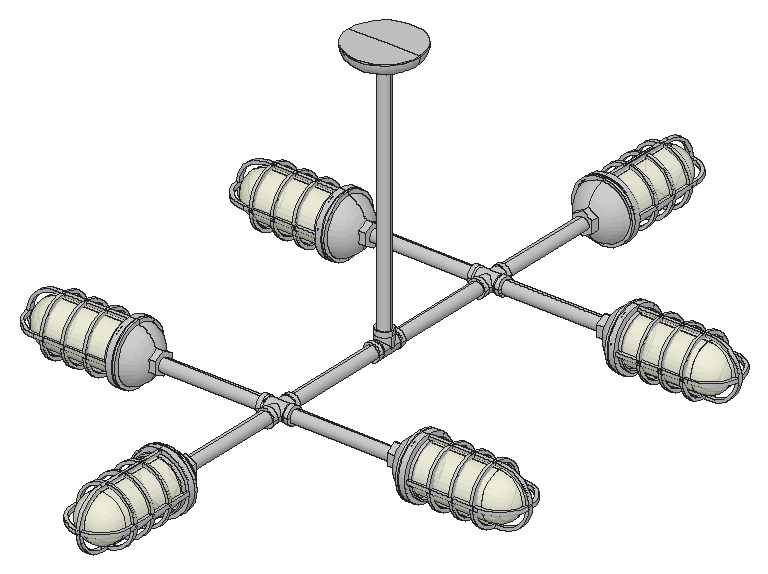
Revit family "HL1.STXX", category Lighting Fixtures, Revit 2024
Family settings
  Round Connector Dimension = Use Diameter
  Part Type = Normal
  OmniClass Number = 23.80.70.00
  OmniClass Title = Lighting
  Work Plane-Based = No
  Always vertical = Yes
  Cut with Voids When Loaded = No
  Light Source = No
  Maintain Annotation Orientation = No
  Shared = No
  Room Calculation Point = No
Parameters
  Default Elevation = 0' - 0"
Reference planes (in)
  plane 1 "Light Source Axis (F/B)": y = 0
  plane 2: z = 0
  plane 3 "Light Source Axis (L/R)": x = 0
  plane 4 "Light Source Elevation": z = 92.5392
Forms (in)
  Revolve 1, solid, material "49"
    sketch origin (1.43133, 0.00447, 104.02348) x (-1, 0, 0) y (0, 0, -1)
      loop
        line (0.83133, 8.24863) -> (0.99383, 8.24863) -> (0.99383, -8.75137) -> (-0.15915, -8.75137)
        arc (-0.15915, -8.75137) -> (-0.80228, -9.01776) -> (-1.06867, -9.66089) r 0.90952
        line (-1.06867, -9.66089) -> (-1.06867, -9.75137) -> (1.43133, -9.75137) -> (1.43133, 8.24863) -> (1.43133, 9.38966) -> (0.87564, 9.38966) -> (0.87564, 8.54863) -> (0.83133, 8.54863) -> (0.83133, 8.24863)
      axis (1.43133, -9.75137) -> (1.43133, 9.38966)
    angle from 0 to 360
  Revolve 2, solid, material "49"
    sketch origin (-9.36344, -1.41564, 94.68106) x (0.999999, -0.001268, 0) y (0.001268, 0.999999, 0)
      loop
        line (9.36163, 0.31883) -> (9.96163, 0.31883) -> (9.96163, 0.61883)
        arc (9.96163, 0.61883) -> (9.92902, 0.66763) -> (9.91757, 0.7252) r 0.15044
        line (9.91757, 0.7252) -> (9.91757, 2.13745)
        arc (9.91757, 2.13745) -> (9.92902, 2.19502) -> (9.96163, 2.24383) r 0.15044
        line (9.96163, 2.24383) -> (9.96163, 2.54383) -> (9.36163, 2.54383) -> (9.36163, 0.31883)
      axis (9.36163, 0.31883) -> (9.36163, 2.54383)
    angle from 0 to 360
  Revolve 3, solid, material "49"
    sketch origin (-1.43133, 9.3, 6.57775) x (-1, 0, 0) y (0, 0, -1)
      loop
        line (-2.54383, -88.10331) -> (-9.58133, -88.10331) -> (-9.58133, -88.54111) -> (-2.54383, -88.54111) -> (-2.54383, -88.10331)
      axis (-9.58133, -88.10331) -> (-2.54383, -88.10331)
    angle from 0 to 360
  Extrusion 4, solid, material "49"
    sketch origin (-0.72938, -0.1245, 87.84103) x (0, 0, 1) y (0, -1, 0)
      loop
        line (6.05272, -9.36163) -> (6.44638, -10.04346) -> (7.23369, -10.04346) -> (7.62734, -9.36163) -> (7.23369, -8.6798) -> (6.44638, -8.6798) -> (6.05272, -9.36163)
    from 8.87938 to 9.53136
  Extrusion 5, solid, material "49"
    sketch origin (95.11358, 7.87747, 87.84198) x (0, 0, -1) y (1, 0, 0)
      loop
        line (-4.78958, -84.58935) -> (-4.78958, -79.4727)
        arc (-4.78958, -79.4727) -> (-6.84003, -77.42225) -> (-8.89048, -79.4727) r 2.05045
        line (-8.89048, -79.4727) -> (-8.89048, -84.58935) -> (-8.68859, -84.58935) -> (-8.68859, -79.4727)
        arc (-8.68859, -79.4727) -> (-8.1884, -78.20816) -> (-6.95853, -77.62794) r 1.84856
        arc (-6.95853, -77.62794) -> (-5.57549, -78.12432) -> (-4.99147, -79.4727) r 1.84856
        line (-4.99147, -79.4727) -> (-4.99147, -84.58935) -> (-4.78958, -84.58935)
    from -1.47618 to -1.22382
  Revolve 6, solid, material "49"
    sketch origin (95.11358, 9.22545, 87.84198) x (0, 0, -1) y (1, 0, 0)
      loop
        arc (-6.84003, -86.56466) -> (-5.66451, -86.19926) -> (-4.92753, -85.21325) r 1.99411
        line (-4.92753, -85.21325) -> (-4.69794, -85.21325) -> (-4.69794, -85.06325) -> (-4.74264, -85.06325) -> (-4.74264, -84.99313) -> (-4.69794, -84.99313) -> (-4.69794, -84.58935) -> (-4.99147, -84.58935) -> (-4.99147, -84.30461) -> (-5.08522, -84.30461) -> (-5.08522, -84.6831) -> (-4.79169, -84.6831) -> (-4.79169, -84.89938) -> (-4.83639, -84.89938) -> (-4.83639, -85.1195) -> (-4.99589, -85.1195)
        arc (-4.99589, -85.1195) -> (-5.692, -86.10354) -> (-6.84003, -86.4709) r 1.90036
        line (-6.84003, -86.4709) -> (-6.84003, -86.56466)
      loop
        line (-4.99147, -82.87328) -> (-4.99147, -83.07517) -> (-4.78958, -83.07517) -> (-4.78958, -82.87328) -> (-4.99147, -82.87328)
      loop
        line (-4.99147, -81.35911) -> (-4.99147, -81.561) -> (-4.78958, -81.561) -> (-4.78958, -81.35911) -> (-4.99147, -81.35911)
      loop
        line (-4.99147, -79.84493) -> (-4.99147, -80.04682) -> (-4.78958, -80.04682) -> (-4.78958, -79.84493) -> (-4.99147, -79.84493)
      loop
        line (-5.24003, -84.58935) -> (-5.24003, -79.6014)
        arc (-5.24003, -79.6014) -> (-5.70866, -78.47003) -> (-6.84003, -78.0014) r 1.6
        line (-6.84003, -78.0014) -> (-6.84003, -78.09515)
        arc (-6.84003, -78.09515) -> (-5.77495, -78.53632) -> (-5.33378, -79.6014) r 1.50625
        line (-5.33378, -79.6014) -> (-5.33378, -84.58935) -> (-5.24003, -84.58935)
      axis (-6.84003, -86.56466) -> (-6.84003, -78.0014)
    angle from 0 to 360
  Extrusion 7, solid, material "49"
    sketch origin (95.11358, -0.12253, 89.27331) x (0, -1, 0) y (1, 0, 0)
      loop
        line (-11.40045, -84.58935) -> (-11.19856, -84.58935) -> (-11.19856, -79.4727)
        arc (-11.19856, -79.4727) -> (-10.66903, -78.17758) -> (-9.38383, -77.62445) r 1.84856
        arc (-9.38383, -77.62445) -> (-8.05489, -78.15366) -> (-7.50144, -79.4727) r 1.84856
        line (-7.50144, -79.4727) -> (-7.50144, -84.58935) -> (-7.29955, -84.58935) -> (-7.29955, -79.4727)
        arc (-7.29955, -79.4727) -> (-9.35, -77.42225) -> (-11.40045, -79.4727) r 2.05045
        line (-11.40045, -79.4727) -> (-11.40045, -84.58935)
    from 5.28252 to 5.53489
  Revolve 8, solid, material "49"
    sketch origin (1.43133, -0.09897, 94.63876) x (-1, 0, 0) y (0, 1, -0.000526)
      loop
        line (0.83133, 8.24863) -> (1.43133, 8.24863) -> (1.43133, 9.38966) -> (0.87564, 9.38966) -> (0.87564, 8.54863) -> (0.83133, 8.54863) -> (0.83133, 8.24863)
      axis (1.43133, 8.24863) -> (1.43133, 9.38966)
    angle from 0 to 360
  Revolve 9, solid, material "49"
    sketch origin (1.43133, -0.06163, 94.68106) x (0, 1, 0) y (-1, 0, 0)
      loop
        line (9.36163, 0.31883) -> (9.96163, 0.31883) -> (9.96163, 0.61883)
        arc (9.96163, 0.61883) -> (9.92902, 0.66763) -> (9.91757, 0.7252) r 0.15044
        line (9.91757, 0.7252) -> (9.91757, 2.13745)
        arc (9.91757, 2.13745) -> (9.92902, 2.19502) -> (9.96163, 2.24383) r 0.15044
        line (9.96163, 2.24383) -> (9.96163, 2.54383) -> (9.36163, 2.54383) -> (9.36163, 0.31883)
      axis (9.36163, 0.31883) -> (9.36163, 2.54383)
    angle from 0 to 360
  Revolve 10, solid, material "49"
    sketch origin (0, -1.42863, 6.57775) x (0, -1, 0) y (0, 0, -1)
      loop
        line (-2.54383, -88.10331) -> (-9.60145, -88.10331) -> (-9.60145, -88.54111) -> (-2.54383, -88.54111) -> (-2.54383, -88.10331)
      axis (-9.60145, -88.10331) -> (-2.54383, -88.10331)
    angle from 0 to 360
  Revolve 11, solid, material "49"
    sketch origin (1.43133, 9.3, 6.57775) x (1, 0, 0) y (0, 0, 1)
      loop
        line (-2.54383, 88.10331) -> (-2.54383, 88.54111) -> (-9.58133, 88.54111) -> (-9.58133, 88.10331) -> (-2.54383, 88.10331)
      axis (-9.58133, 88.10331) -> (-2.54383, 88.10331)
    angle from 0 to 360
  Extrusion 12, solid, material "49"
    sketch origin (0.72938, -0.1245, 87.84103) x (0, 0, 1) y (0, 1, 0)
      loop
        line (6.05272, 9.36163) -> (6.44638, 8.6798) -> (7.23369, 8.6798) -> (7.62734, 9.36163) -> (7.23369, 10.04346) -> (6.44638, 10.04346) -> (6.05272, 9.36163)
    from 8.87938 to 9.53136
  Extrusion 13, solid, material "49"
    sketch origin (-95.11358, 7.87747, 87.84198) x (0, 0, -1) y (1, 0, 0)
      loop
        line (-4.78958, 84.58935) -> (-4.99147, 84.58935) -> (-4.99147, 79.4727)
        arc (-4.99147, 79.4727) -> (-5.57549, 78.12432) -> (-6.95853, 77.62794) r 1.84856
        arc (-6.95853, 77.62794) -> (-8.1884, 78.20816) -> (-8.68859, 79.4727) r 1.84856
        line (-8.68859, 79.4727) -> (-8.68859, 84.58935) -> (-8.89048, 84.58935) -> (-8.89048, 79.4727)
        arc (-8.89048, 79.4727) -> (-6.84003, 77.42225) -> (-4.78958, 79.4727) r 2.05045
        line (-4.78958, 79.4727) -> (-4.78958, 84.58935)
    from -1.47618 to -1.22382
  Revolve 14, solid, material "49"
    sketch origin (-95.11358, 9.22545, 87.84198) x (0, 0, -1) y (1, 0, 0)
      loop
        line (-6.84003, 86.56466) -> (-6.84003, 86.4709)
        arc (-6.84003, 86.4709) -> (-5.692, 86.10354) -> (-4.99589, 85.1195) r 1.90036
        line (-4.99589, 85.1195) -> (-4.83639, 85.1195) -> (-4.83639, 84.89938) -> (-4.79169, 84.89938) -> (-4.79169, 84.6831) -> (-5.08522, 84.6831) -> (-5.08522, 84.30461) -> (-4.99147, 84.30461) -> (-4.99147, 84.58935) -> (-4.69794, 84.58935) -> (-4.69794, 84.99313) -> (-4.74264, 84.99313) -> (-4.74264, 85.06325) -> (-4.69794, 85.06325) -> (-4.69794, 85.21325) -> (-4.92753, 85.21325)
        arc (-4.92753, 85.21325) -> (-5.66451, 86.19926) -> (-6.84003, 86.56466) r 1.99411
      loop
        line (-4.99147, 82.87328) -> (-4.78958, 82.87328) -> (-4.78958, 83.07517) -> (-4.99147, 83.07517) -> (-4.99147, 82.87328)
      loop
        line (-4.99147, 81.35911) -> (-4.78958, 81.35911) -> (-4.78958, 81.561) -> (-4.99147, 81.561) -> (-4.99147, 81.35911)
      loop
        line (-4.99147, 79.84493) -> (-4.78958, 79.84493) -> (-4.78958, 80.04682) -> (-4.99147, 80.04682) -> (-4.99147, 79.84493)
      loop
        line (-5.24003, 84.58935) -> (-5.33378, 84.58935) -> (-5.33378, 79.6014)
        arc (-5.33378, 79.6014) -> (-5.77495, 78.53632) -> (-6.84003, 78.09515) r 1.50625
        line (-6.84003, 78.09515) -> (-6.84003, 78.0014)
        arc (-6.84003, 78.0014) -> (-5.70866, 78.47003) -> (-5.24003, 79.6014) r 1.6
        line (-5.24003, 79.6014) -> (-5.24003, 84.58935)
      axis (-6.84003, 86.56466) -> (-6.84003, 78.0014)
    angle from 0 to 360
  Extrusion 15, solid, material "49"
    sketch origin (-95.11358, -0.12253, 89.27331) x (0, -1, 0) y (1, 0, 0)
      loop
        line (-11.40045, 84.58935) -> (-11.40045, 79.4727)
        arc (-11.40045, 79.4727) -> (-9.35, 77.42225) -> (-7.29955, 79.4727) r 2.05045
        line (-7.29955, 79.4727) -> (-7.29955, 84.58935) -> (-7.50144, 84.58935) -> (-7.50144, 79.4727)
        arc (-7.50144, 79.4727) -> (-8.05489, 78.15366) -> (-9.38383, 77.62445) r 1.84856
        arc (-9.38383, 77.62445) -> (-10.66903, 78.17758) -> (-11.19856, 79.4727) r 1.84856
        line (-11.19856, 79.4727) -> (-11.19856, 84.58935) -> (-11.40045, 84.58935)
    from 5.28252 to 5.53489
  Revolve 16, solid, material "49"
    sketch origin (-1.43133, -9.3, 6.57775) x (-1, 0, 0) y (0, 0, 1)
      loop
        line (-2.54383, 88.10331) -> (-2.54383, 88.54111) -> (-9.58133, 88.54111) -> (-9.58133, 88.10331) -> (-2.54383, 88.10331)
      axis (-9.58133, 88.10331) -> (-2.54383, 88.10331)
    angle from 0 to 360
  Extrusion 17, solid, material "49"
    sketch origin (-0.72938, 0.1245, 87.84103) x (0, 0, 1) y (0, -1, 0)
      loop
        line (6.05272, 9.36163) -> (6.44638, 8.6798) -> (7.23369, 8.6798) -> (7.62734, 9.36163) -> (7.23369, 10.04346) -> (6.44638, 10.04346) -> (6.05272, 9.36163)
    from 8.87938 to 9.53136
  Extrusion 18, solid, material "49"
    sketch origin (95.11358, -7.87747, 87.84198) x (0, 0, -1) y (-1, 0, 0)
      loop
        line (-4.78958, 84.58935) -> (-4.99147, 84.58935) -> (-4.99147, 79.4727)
        arc (-4.99147, 79.4727) -> (-5.57549, 78.12432) -> (-6.95853, 77.62794) r 1.84856
        arc (-6.95853, 77.62794) -> (-8.1884, 78.20816) -> (-8.68859, 79.4727) r 1.84856
        line (-8.68859, 79.4727) -> (-8.68859, 84.58935) -> (-8.89048, 84.58935) -> (-8.89048, 79.4727)
        arc (-8.89048, 79.4727) -> (-6.84003, 77.42225) -> (-4.78958, 79.4727) r 2.05045
        line (-4.78958, 79.4727) -> (-4.78958, 84.58935)
    from -1.47618 to -1.22382
  Revolve 19, solid, material "49"
    sketch origin (95.11358, -9.22545, 87.84198) x (0, 0, -1) y (-1, 0, 0)
      loop
        line (-6.84003, 86.56466) -> (-6.84003, 86.4709)
        arc (-6.84003, 86.4709) -> (-5.692, 86.10354) -> (-4.99589, 85.1195) r 1.90036
        line (-4.99589, 85.1195) -> (-4.83639, 85.1195) -> (-4.83639, 84.89938) -> (-4.79169, 84.89938) -> (-4.79169, 84.6831) -> (-5.08522, 84.6831) -> (-5.08522, 84.30461) -> (-4.99147, 84.30461) -> (-4.99147, 84.58935) -> (-4.69794, 84.58935) -> (-4.69794, 84.99313) -> (-4.74264, 84.99313) -> (-4.74264, 85.06325) -> (-4.69794, 85.06325) -> (-4.69794, 85.21325) -> (-4.92753, 85.21325)
        arc (-4.92753, 85.21325) -> (-5.66451, 86.19926) -> (-6.84003, 86.56466) r 1.99411
      loop
        line (-4.99147, 82.87328) -> (-4.78958, 82.87328) -> (-4.78958, 83.07517) -> (-4.99147, 83.07517) -> (-4.99147, 82.87328)
      loop
        line (-4.99147, 81.35911) -> (-4.78958, 81.35911) -> (-4.78958, 81.561) -> (-4.99147, 81.561) -> (-4.99147, 81.35911)
      loop
        line (-4.99147, 79.84493) -> (-4.78958, 79.84493) -> (-4.78958, 80.04682) -> (-4.99147, 80.04682) -> (-4.99147, 79.84493)
      loop
        line (-5.24003, 84.58935) -> (-5.33378, 84.58935) -> (-5.33378, 79.6014)
        arc (-5.33378, 79.6014) -> (-5.77495, 78.53632) -> (-6.84003, 78.09515) r 1.50625
        line (-6.84003, 78.09515) -> (-6.84003, 78.0014)
        arc (-6.84003, 78.0014) -> (-5.70866, 78.47003) -> (-5.24003, 79.6014) r 1.6
        line (-5.24003, 79.6014) -> (-5.24003, 84.58935)
      axis (-6.84003, 86.56466) -> (-6.84003, 78.0014)
    angle from 0 to 360
  Extrusion 20, solid, material "49"
    sketch origin (95.11358, 0.12253, 89.27331) x (0, 1, 0) y (-1, 0, 0)
      loop
        line (-11.40045, 84.58935) -> (-11.40045, 79.4727)
        arc (-11.40045, 79.4727) -> (-9.35, 77.42225) -> (-7.29955, 79.4727) r 2.05045
        line (-7.29955, 79.4727) -> (-7.29955, 84.58935) -> (-7.50144, 84.58935) -> (-7.50144, 79.4727)
        arc (-7.50144, 79.4727) -> (-8.05489, 78.15366) -> (-9.38383, 77.62445) r 1.84856
        arc (-9.38383, 77.62445) -> (-10.66903, 78.17758) -> (-11.19856, 79.4727) r 1.84856
        line (-11.19856, 79.4727) -> (-11.19856, 84.58935) -> (-11.40045, 84.58935)
    from 5.28252 to 5.53489
  Revolve 21, solid, material "49"
    sketch origin (1.43133, 0.09897, 94.63876) x (-1, 0, 0) y (0, 1, 0.000526)
      loop
        line (0.83133, -8.24863) -> (0.83133, -8.54863) -> (0.87564, -8.54863) -> (0.87564, -9.38966) -> (1.43133, -9.38966) -> (1.43133, -8.24863) -> (0.83133, -8.24863)
      axis (1.43133, -8.24863) -> (1.43133, -9.38966)
    angle from 0 to 360
  Revolve 22, solid, material "49"
    sketch origin (1.43133, 0.06163, 94.68106) x (0, 1, 0) y (-1, 0, 0)
      loop
        line (-9.36163, 0.31883) -> (-9.36163, 2.54383) -> (-9.96163, 2.54383) -> (-9.96163, 2.24383)
        arc (-9.96163, 2.24383) -> (-9.92902, 2.19502) -> (-9.91757, 2.13745) r 0.15044
        line (-9.91757, 2.13745) -> (-9.91757, 0.7252)
        arc (-9.91757, 0.7252) -> (-9.92902, 0.66763) -> (-9.96163, 0.61883) r 0.15044
        line (-9.96163, 0.61883) -> (-9.96163, 0.31883) -> (-9.36163, 0.31883)
      axis (-9.36163, 0.31883) -> (-9.36163, 2.54383)
    angle from 0 to 360
  Revolve 23, solid, material "49"
    sketch origin (0, 1.42863, 6.57775) x (0, 1, 0) y (0, 0, 1)
      loop
        line (-2.54383, 88.10331) -> (-2.54383, 88.54111) -> (-9.60145, 88.54111) -> (-9.60145, 88.10331) -> (-2.54383, 88.10331)
      axis (-9.60145, 88.10331) -> (-2.54383, 88.10331)
    angle from 0 to 360
  Revolve 24, solid, material "49"
    sketch origin (1.43133, -9.3, 6.57775) x (1, 0, 0) y (0, 0, -1)
      loop
        line (-2.54383, -88.10331) -> (-9.58133, -88.10331) -> (-9.58133, -88.54111) -> (-2.54383, -88.54111) -> (-2.54383, -88.10331)
      axis (-9.58133, -88.10331) -> (-2.54383, -88.10331)
    angle from 0 to 360
  Extrusion 25, solid, material "49"
    sketch origin (0.72938, 0.1245, 87.84103) x (0, 0, 1) y (0, 1, 0)
      loop
        line (6.05272, -9.36163) -> (6.44638, -10.04346) -> (7.23369, -10.04346) -> (7.62734, -9.36163) -> (7.23369, -8.6798) -> (6.44638, -8.6798) -> (6.05272, -9.36163)
    from 8.87938 to 9.53136
  Extrusion 26, solid, material "49"
    sketch origin (-95.11358, -7.87747, 87.84198) x (0, 0, -1) y (-1, 0, 0)
      loop
        line (-4.78958, -84.58935) -> (-4.78958, -79.4727)
        arc (-4.78958, -79.4727) -> (-6.84003, -77.42225) -> (-8.89048, -79.4727) r 2.05045
        line (-8.89048, -79.4727) -> (-8.89048, -84.58935) -> (-8.68859, -84.58935) -> (-8.68859, -79.4727)
        arc (-8.68859, -79.4727) -> (-8.1884, -78.20816) -> (-6.95853, -77.62794) r 1.84856
        arc (-6.95853, -77.62794) -> (-5.57549, -78.12432) -> (-4.99147, -79.4727) r 1.84856
        line (-4.99147, -79.4727) -> (-4.99147, -84.58935) -> (-4.78958, -84.58935)
    from -1.47618 to -1.22382
  Revolve 27, solid, material "49"
    sketch origin (-95.11358, -9.22545, 87.84198) x (0, 0, -1) y (-1, 0, 0)
      loop
        arc (-6.84003, -86.56466) -> (-5.66451, -86.19926) -> (-4.92753, -85.21325) r 1.99411
        line (-4.92753, -85.21325) -> (-4.69794, -85.21325) -> (-4.69794, -85.06325) -> (-4.74264, -85.06325) -> (-4.74264, -84.99313) -> (-4.69794, -84.99313) -> (-4.69794, -84.58935) -> (-4.99147, -84.58935) -> (-4.99147, -84.30461) -> (-5.08522, -84.30461) -> (-5.08522, -84.6831) -> (-4.79169, -84.6831) -> (-4.79169, -84.89938) -> (-4.83639, -84.89938) -> (-4.83639, -85.1195) -> (-4.99589, -85.1195)
        arc (-4.99589, -85.1195) -> (-5.692, -86.10354) -> (-6.84003, -86.4709) r 1.90036
        line (-6.84003, -86.4709) -> (-6.84003, -86.56466)
      loop
        line (-4.99147, -82.87328) -> (-4.99147, -83.07517) -> (-4.78958, -83.07517) -> (-4.78958, -82.87328) -> (-4.99147, -82.87328)
      loop
        line (-4.99147, -81.35911) -> (-4.99147, -81.561) -> (-4.78958, -81.561) -> (-4.78958, -81.35911) -> (-4.99147, -81.35911)
      loop
        line (-4.99147, -79.84493) -> (-4.99147, -80.04682) -> (-4.78958, -80.04682) -> (-4.78958, -79.84493) -> (-4.99147, -79.84493)
      loop
        line (-5.24003, -84.58935) -> (-5.24003, -79.6014)
        arc (-5.24003, -79.6014) -> (-5.70866, -78.47003) -> (-6.84003, -78.0014) r 1.6
        line (-6.84003, -78.0014) -> (-6.84003, -78.09515)
        arc (-6.84003, -78.09515) -> (-5.77495, -78.53632) -> (-5.33378, -79.6014) r 1.50625
        line (-5.33378, -79.6014) -> (-5.33378, -84.58935) -> (-5.24003, -84.58935)
      axis (-6.84003, -86.56466) -> (-6.84003, -78.0014)
    angle from 0 to 360
  Extrusion 28, solid, material "49"
    sketch origin (-95.11358, 0.12253, 89.27331) x (0, 1, 0) y (-1, 0, 0)
      loop
        line (-11.40045, -84.58935) -> (-11.19856, -84.58935) -> (-11.19856, -79.4727)
        arc (-11.19856, -79.4727) -> (-10.66903, -78.17758) -> (-9.38383, -77.62445) r 1.84856
        arc (-9.38383, -77.62445) -> (-8.05489, -78.15366) -> (-7.50144, -79.4727) r 1.84856
        line (-7.50144, -79.4727) -> (-7.50144, -84.58935) -> (-7.29955, -84.58935) -> (-7.29955, -79.4727)
        arc (-7.29955, -79.4727) -> (-9.35, -77.42225) -> (-11.40045, -79.4727) r 2.05045
        line (-11.40045, -79.4727) -> (-11.40045, -84.58935)
    from 5.28252 to 5.53489
  Revolve 29, solid, material "49"
    sketch origin (0, -7.90617, 6.57775) x (0, 1, 0) y (0, 0, 1)
      loop
        line (-2.54383, 88.10331) -> (-2.54383, 88.54111) -> (-9.58133, 88.54111) -> (-9.58133, 88.10331) -> (-2.54383, 88.10331)
      axis (-9.58133, 88.10331) -> (-2.54383, 88.10331)
    angle from 0 to 360
  Revolve 30, solid, material "49"
    sketch origin (1.43133, -18.69597, 94.63876) x (-1, 0, 0) y (0, 1, -0.000526)
      loop
        line (0.83133, 8.23661) -> (1.43133, 8.23661) -> (1.43133, 9.38966) -> (0.87564, 9.38966) -> (0.87564, 8.54863) -> (0.83133, 8.54863) -> (0.83133, 8.23661)
      axis (1.43133, 8.23661) -> (1.43133, 9.38966)
    angle from 0 to 360
  Extrusion 31, solid, material "49"
    sketch origin (9.36163, -8.56812, 87.84103) x (0, 0, 1) y (-1, 0, 0)
      loop
        line (6.05272, 9.36163) -> (6.44638, 8.6798) -> (7.23369, 8.6798) -> (7.62734, 9.36163) -> (7.23369, 10.04346) -> (6.44638, 10.04346) -> (6.05272, 9.36163)
    from 8.87938 to 9.53136
  Extrusion 32, solid, material "49"
    sketch origin (1.35966, -104.41108, 87.84198) x (0, 0, -1) y (0, 1, 0)
      loop
        line (-4.78958, 84.58935) -> (-4.99147, 84.58935) -> (-4.99147, 79.4727)
        arc (-4.99147, 79.4727) -> (-5.57549, 78.12432) -> (-6.95853, 77.62794) r 1.84856
        arc (-6.95853, 77.62794) -> (-8.1884, 78.20816) -> (-8.68859, 79.4727) r 1.84856
        line (-8.68859, 79.4727) -> (-8.68859, 84.58935) -> (-8.89048, 84.58935) -> (-8.89048, 79.4727)
        arc (-8.89048, 79.4727) -> (-6.84003, 77.42225) -> (-4.78958, 79.4727) r 2.05045
        line (-4.78958, 79.4727) -> (-4.78958, 84.58935)
    from -1.47618 to -1.22382
  Revolve 33, solid, material "49"
    sketch origin (0.01168, -104.41108, 87.84198) x (0, 0, -1) y (0, 1, 0)
      loop
        line (-6.84003, 86.56466) -> (-6.84003, 86.4709)
        arc (-6.84003, 86.4709) -> (-5.692, 86.10354) -> (-4.99589, 85.1195) r 1.90036
        line (-4.99589, 85.1195) -> (-4.83639, 85.1195) -> (-4.83639, 84.89938) -> (-4.79169, 84.89938) -> (-4.79169, 84.6831) -> (-5.08522, 84.6831) -> (-5.08522, 84.30461) -> (-4.99147, 84.30461) -> (-4.99147, 84.58935) -> (-4.69794, 84.58935) -> (-4.69794, 84.99313) -> (-4.74264, 84.99313) -> (-4.74264, 85.06325) -> (-4.69794, 85.06325) -> (-4.69794, 85.21325) -> (-4.92753, 85.21325)
        arc (-4.92753, 85.21325) -> (-5.66451, 86.19926) -> (-6.84003, 86.56466) r 1.99411
      loop
        line (-4.99147, 82.87328) -> (-4.78958, 82.87328) -> (-4.78958, 83.07517) -> (-4.99147, 83.07517) -> (-4.99147, 82.87328)
      loop
        line (-4.99147, 81.35911) -> (-4.78958, 81.35911) -> (-4.78958, 81.561) -> (-4.99147, 81.561) -> (-4.99147, 81.35911)
      loop
        line (-4.99147, 79.84493) -> (-4.78958, 79.84493) -> (-4.78958, 80.04682) -> (-4.99147, 80.04682) -> (-4.99147, 79.84493)
      loop
        line (-5.24003, 84.58935) -> (-5.33378, 84.58935) -> (-5.33378, 79.6014)
        arc (-5.33378, 79.6014) -> (-5.77495, 78.53632) -> (-6.84003, 78.09515) r 1.50625
        line (-6.84003, 78.09515) -> (-6.84003, 78.0014)
        arc (-6.84003, 78.0014) -> (-5.70866, 78.47003) -> (-5.24003, 79.6014) r 1.6
        line (-5.24003, 79.6014) -> (-5.24003, 84.58935)
      axis (-6.84003, 86.56466) -> (-6.84003, 78.0014)
    angle from 0 to 360
  Extrusion 34, solid, material "49"
    sketch origin (9.35966, -104.41108, 89.27331) x (1, 0, 0) y (0, 1, 0)
      loop
        line (-11.40045, 84.58935) -> (-11.40045, 79.4727)
        arc (-11.40045, 79.4727) -> (-9.35, 77.42225) -> (-7.29955, 79.4727) r 2.05045
        line (-7.29955, 79.4727) -> (-7.29955, 84.58935) -> (-7.50144, 84.58935) -> (-7.50144, 79.4727)
        arc (-7.50144, 79.4727) -> (-8.05489, 78.15366) -> (-9.38383, 77.62445) r 1.84856
        arc (-9.38383, 77.62445) -> (-10.66903, 78.17758) -> (-11.19856, 79.4727) r 1.84856
        line (-11.19856, 79.4727) -> (-11.19856, 84.58935) -> (-11.40045, 84.58935)
    from 5.28252 to 5.53489
  Revolve 35, solid, material "49"
    sketch origin (0, 7.89571, 6.57775) x (0, -1, 0) y (0, 0, -1)
      loop
        line (-2.54383, -88.10331) -> (-9.58133, -88.10331) -> (-9.58133, -88.54111) -> (-2.54383, -88.54111) -> (-2.54383, -88.10331)
      axis (-9.58133, -88.10331) -> (-2.54383, -88.10331)
    angle from 0 to 360
  Revolve 36, solid, material "49"
    sketch origin (1.43133, 18.68551, 94.63876) x (-1, 0, 0) y (0, 1, 0.000526)
      loop
        line (0.83133, -8.23661) -> (0.83133, -8.54863) -> (0.87564, -8.54863) -> (0.87564, -9.38966) -> (1.43133, -9.38966) -> (1.43133, -8.23661) -> (0.83133, -8.23661)
      axis (1.43133, -8.23661) -> (1.43133, -9.38966)
    angle from 0 to 360
  Extrusion 37, solid, material "49"
    sketch origin (9.36163, 8.55766, 87.84103) x (0, 0, 1) y (1, 0, 0)
      loop
        line (6.05272, -9.36163) -> (6.44638, -10.04346) -> (7.23369, -10.04346) -> (7.62734, -9.36163) -> (7.23369, -8.6798) -> (6.44638, -8.6798) -> (6.05272, -9.36163)
    from 8.87938 to 9.53136
  Extrusion 38, solid, material "49"
    sketch origin (1.35966, 104.40062, 87.84198) x (0, 0, -1) y (0, 1, 0)
      loop
        line (-4.78958, -84.58935) -> (-4.78958, -79.4727)
        arc (-4.78958, -79.4727) -> (-6.84003, -77.42225) -> (-8.89048, -79.4727) r 2.05045
        line (-8.89048, -79.4727) -> (-8.89048, -84.58935) -> (-8.68859, -84.58935) -> (-8.68859, -79.4727)
        arc (-8.68859, -79.4727) -> (-8.1884, -78.20816) -> (-6.95853, -77.62794) r 1.84856
        arc (-6.95853, -77.62794) -> (-5.57549, -78.12432) -> (-4.99147, -79.4727) r 1.84856
        line (-4.99147, -79.4727) -> (-4.99147, -84.58935) -> (-4.78958, -84.58935)
    from -1.47618 to -1.22382
  Revolve 39, solid, material "49"
    sketch origin (0.01168, 104.40062, 87.84198) x (0, 0, -1) y (0, 1, 0)
      loop
        arc (-6.84003, -86.56466) -> (-5.66451, -86.19926) -> (-4.92753, -85.21325) r 1.99411
        line (-4.92753, -85.21325) -> (-4.69794, -85.21325) -> (-4.69794, -85.06325) -> (-4.74264, -85.06325) -> (-4.74264, -84.99313) -> (-4.69794, -84.99313) -> (-4.69794, -84.58935) -> (-4.99147, -84.58935) -> (-4.99147, -84.30461) -> (-5.08522, -84.30461) -> (-5.08522, -84.6831) -> (-4.79169, -84.6831) -> (-4.79169, -84.89938) -> (-4.83639, -84.89938) -> (-4.83639, -85.1195) -> (-4.99589, -85.1195)
        arc (-4.99589, -85.1195) -> (-5.692, -86.10354) -> (-6.84003, -86.4709) r 1.90036
        line (-6.84003, -86.4709) -> (-6.84003, -86.56466)
      loop
        line (-4.99147, -82.87328) -> (-4.99147, -83.07517) -> (-4.78958, -83.07517) -> (-4.78958, -82.87328) -> (-4.99147, -82.87328)
      loop
        line (-4.99147, -81.35911) -> (-4.99147, -81.561) -> (-4.78958, -81.561) -> (-4.78958, -81.35911) -> (-4.99147, -81.35911)
      loop
        line (-4.99147, -79.84493) -> (-4.99147, -80.04682) -> (-4.78958, -80.04682) -> (-4.78958, -79.84493) -> (-4.99147, -79.84493)
      loop
        line (-5.24003, -84.58935) -> (-5.24003, -79.6014)
        arc (-5.24003, -79.6014) -> (-5.70866, -78.47003) -> (-6.84003, -78.0014) r 1.6
        line (-6.84003, -78.0014) -> (-6.84003, -78.09515)
        arc (-6.84003, -78.09515) -> (-5.77495, -78.53632) -> (-5.33378, -79.6014) r 1.50625
        line (-5.33378, -79.6014) -> (-5.33378, -84.58935) -> (-5.24003, -84.58935)
      axis (-6.84003, -86.56466) -> (-6.84003, -78.0014)
    angle from 0 to 360
  Extrusion 40, solid, material "49"
    sketch origin (9.35966, 104.40062, 89.27331) x (1, 0, 0) y (0, 1, 0)
      loop
        line (-11.40045, -84.58935) -> (-11.19856, -84.58935) -> (-11.19856, -79.4727)
        arc (-11.19856, -79.4727) -> (-10.66903, -78.17758) -> (-9.38383, -77.62445) r 1.84856
        arc (-9.38383, -77.62445) -> (-8.05489, -78.15366) -> (-7.50144, -79.4727) r 1.84856
        line (-7.50144, -79.4727) -> (-7.50144, -84.58935) -> (-7.29955, -84.58935) -> (-7.29955, -79.4727)
        arc (-7.29955, -79.4727) -> (-9.35, -77.42225) -> (-11.40045, -79.4727) r 2.05045
        line (-11.40045, -79.4727) -> (-11.40045, -84.58935)
    from 5.28252 to 5.53489
Dimensions and locks (in)
  aligned and locked: level to plane 2
